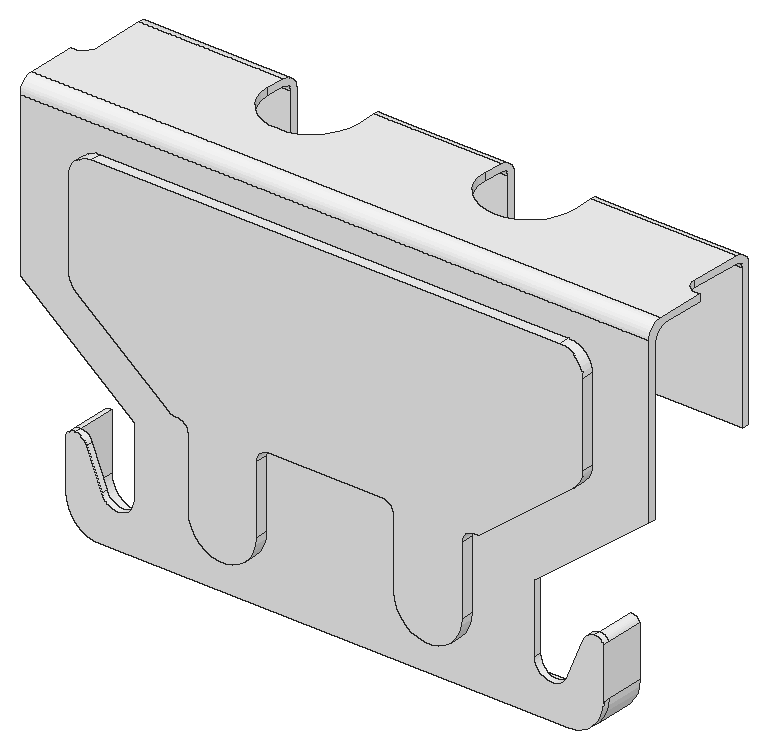
Revit family "wclip_25", category 機械設備, Revit 2022
Family settings
  丸型コネクタ寸法 = 直径を使用
  種別 = なし
  パーツ タイプ = 標準
  作業面ベース = いいえ
  常に垂直 = はい
  ロード時にボイドで切り取り = いいえ
  注釈の向きを維持 = いいえ
  共有 = いいえ
  部屋計算ポイント = いいえ
Parameters
  製造元 = "株式会社桐井製作所"
  既定の高さ = 0 mm
  URL = "https://www.kirii.co.jp/"
  K_品名 = "特殊25mmWクリップ"
  K_名称 = "特殊クリップ"
  K_入数 = "500"
  K_バージョン情報 = "20211012"
Reference planes
  plane 1 "中心(正面/背面)": y = 0
  plane 2: z = 0
  plane 3 "中心(左/右)": x = 0
Forms (mm)
  Extrusion 1, solid
    sketch origin (0, 30, 0) x (0, 1, 0) y (0, 0, 1)
      loop
        line (-30, 0) -> (-29.4, -0.6) -> (-29.4, 32.15)
        arc (-29.4, 32.15) -> (-29.034, 33.034) -> (-28.15, 33.4) r 1.25
        line (-28.15, 33.4) -> (-18.75, 33.4)
        arc (-18.75, 33.4) -> (-18.29, 33.21) -> (-18.1, 32.75) r 0.65
        line (-18.1, 32.75) -> (-18.1, 19.65) -> (-17.5, 20.25) -> (-17.5, 32.75)
        arc (-17.5, 32.75) -> (-17.866, 33.634) -> (-18.75, 34) r 1.25
        line (-18.75, 34) -> (-28.75, 34)
        arc (-28.75, 34) -> (-29.634, 33.634) -> (-30, 32.75) r 1.25
        line (-30, 32.75) -> (-30, 0)
    from -27.5 to 27.5
  Extrusion 2, void
    sketch origin (0, -0.6, -0.8) x (0, 1, 0) y (0, 0, 1)
      loop
        line (0.387, 0.8) -> (0.387, -0.064) -> (1.428, -0.064) -> (1.428, 0.8) -> (0.387, 0.8)
    from -27.5 to 27.5
  Extrusion 3, solid
    sketch origin (0, 0, 0) x (1, 0, 0) y (0, 0, 1)
      loop
        arc (-23.5, 3) -> (-22.621, 0.879) -> (-20.5, 0) r 3
        line (-20.5, 0) -> (20.5, 0)
        arc (20.5, 0) -> (22.621, 0.879) -> (23.5, 3) r 3
        line (23.5, 3) -> (23.5, 7.5)
        arc (23.5, 7.5) -> (23.183, 7.882) -> (22.7, 7.994) r 0.777
        line (22.7, 7.994) -> (22.7, 3)
        arc (22.7, 3) -> (22.056, 1.444) -> (20.5, 0.8) r 2.2
        line (20.5, 0.8) -> (-20.5, 0.8)
        arc (-20.5, 0.8) -> (-22.056, 1.444) -> (-22.7, 3) r 2.2
        line (-22.7, 3) -> (-22.7, 7.994)
        arc (-22.7, 7.994) -> (-23.183, 7.882) -> (-23.5, 7.5) r 0.777
        line (-23.5, 7.5) -> (-23.5, 3)
    from -4 to 0
  Extrusion 4, void
    sketch origin (0, 0, 0) x (1, 0, 0) y (0, 1, 0)
      loop
        line (-13.356, 12.5) -> (-13.5, 9.5)
        arc (-13.5, 9.5) -> (-9.5, 5.5) -> (-5.5, 9.5) r 4
        line (-5.5, 9.5) -> (-5.597, 12.5) -> (-13.356, 12.5)
      loop
        line (13.5, 9.5) -> (13.356, 12.5) -> (5.645, 12.5) -> (5.5, 9.5)
        arc (5.5, 9.5) -> (9.5, 5.5) -> (13.5, 9.5) r 4
      loop
        line (-26.032, 12.5) -> (-27.5, 12.5) -> (-27.5, 5.531)
        arc (-27.5, 5.531) -> (-26.472, 5.771) -> (-26.032, 6.731) r 1.2
        line (-26.032, 6.731) -> (-26.179, 12.5)
      loop
        arc (26.032, 6.731) -> (26.472, 5.771) -> (27.5, 5.531) r 1.2
        line (27.5, 5.531) -> (27.5, 12.5) -> (26.179, 12.5) -> (26.032, 6.731)
    from 20.25 to 34
  Extrusion 5, void
    sketch origin (0, 0, 0) x (1, 0, 0) y (0, 0, 1)
      loop
        line (-17.5, 10.5) -> (-27.5, 18.5) -> (-27.5, 0) -> (-20.5, 0)
        arc (-20.5, 0) -> (-22.621, 0.879) -> (-23.5, 3) r 3
        line (-23.5, 3) -> (-23.5, 7.5)
        arc (-23.5, 7.5) -> (-23.183, 7.882) -> (-22.7, 7.994) r 0.777
        arc (-22.7, 7.994) -> (-22.094, 7.759) -> (-21.7, 7.242) r 1.2
        line (-21.7, 7.242) -> (-20.414, 4)
        arc (-20.414, 4) -> (-18.746, 3.022) -> (-17.5, 4.5) r 1.5
        line (-17.5, 4.5) -> (-17.5, 10.5)
      loop
        line (17.5, 10.5) -> (17.5, 4.5)
        arc (17.5, 4.5) -> (18.746, 3.022) -> (20.414, 4) r 1.5
        line (20.414, 4) -> (21.7, 7.242)
        arc (21.7, 7.242) -> (22.094, 7.759) -> (22.7, 7.994) r 1.2
        arc (22.7, 7.994) -> (23.183, 7.882) -> (23.5, 7.5) r 0.777
        line (23.5, 7.5) -> (23.5, 3)
        arc (23.5, 3) -> (22.621, 0.879) -> (20.5, 0) r 3
        line (20.5, 0) -> (27.5, 0) -> (27.5, 18.5) -> (17.5, 10.5)
    from -0.6 to 0.2
  Extrusion 6, solid
    sketch origin (0, 0, 0) x (1, 0, 0) y (0, 0, 1)
      loop
        line (20.5, 30.5) -> (-20.5, 30.5)
        arc (-20.5, 30.5) -> (-21.914, 29.914) -> (-22.5, 28.5) r 2
        line (-22.5, 28.5) -> (-22.5, 21.224)
        arc (-22.5, 21.224) -> (-22.303, 20.358) -> (-21.749, 19.662) r 2
        line (-21.749, 19.662) -> (-13.695, 13.219)
        arc (-13.695, 13.219) -> (-13.296, 13.016) -> (-12.849, 12.989) r 1.104
        arc (-12.849, 12.989) -> (-12.241, 12.652) -> (-12, 12) r 1
        line (-12, 12) -> (-12, 6)
        arc (-12, 6) -> (-9, 3) -> (-6, 6) r 3
        line (-6, 6) -> (-6, 12)
        arc (-6, 12) -> (-5.707, 12.707) -> (-5, 13) r 1
        line (-5, 13) -> (5, 13)
        arc (5, 13) -> (5.707, 12.707) -> (6, 12) r 1
        line (6, 12) -> (6, 6)
        arc (6, 6) -> (9, 3) -> (12, 6) r 3
        line (12, 6) -> (12, 12)
        arc (12, 12) -> (12.241, 12.652) -> (12.849, 12.989) r 1
        arc (12.849, 12.989) -> (13.296, 13.016) -> (13.695, 13.219) r 1.104
        line (13.695, 13.219) -> (21.749, 19.662)
        arc (21.749, 19.662) -> (22.303, 20.358) -> (22.5, 21.224) r 2
        line (22.5, 21.224) -> (22.5, 28.5)
        arc (22.5, 28.5) -> (21.914, 29.914) -> (20.5, 30.5) r 2
    from 0 to 1
  Extrusion 7, void
    sketch origin (0, -4.379, 0.497) x (0, 1, 0) y (0, 0, 1)
      loop
        line (15.756, 19.753) -> (15.756, 18.957) -> (16.879, 18.957) -> (16.879, 19.753) -> (15.756, 19.753)
    from -27.5 to 27.5
Cuts and joins
  Extrusion 2, Extrusion 4, Extrusion 5, Extrusion 7 cuts Extrusion 1
  joined: Extrusion 1, Extrusion 3, Extrusion 6
Dimensions and locks
  aligned and locked: level to plane 2
